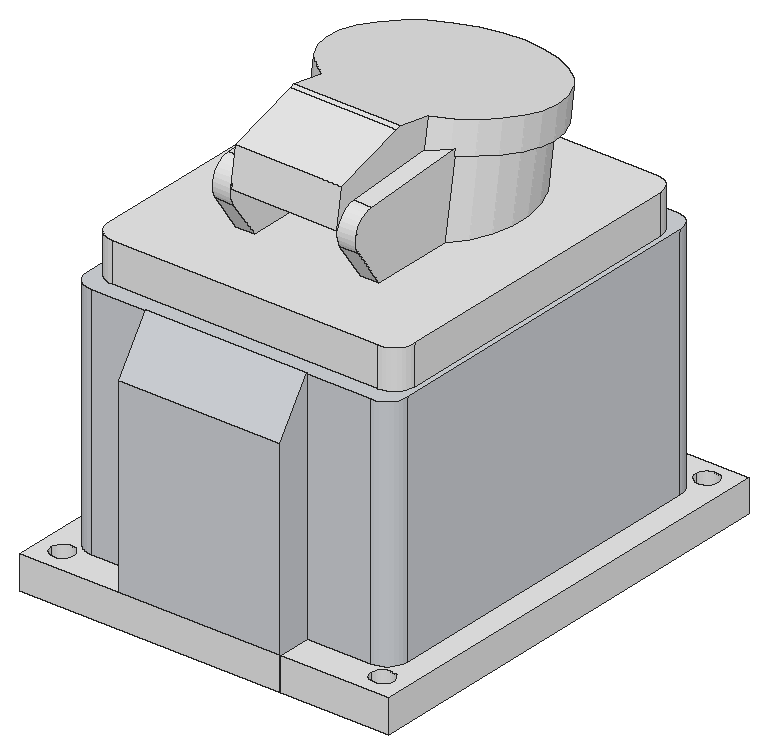
Revit family "Building-ConnessioniIEC309-GEWISS-IEC309HP-PRESE_FISSE_PAR_10°_16A_IP44", category Apparecchi elettrici, host Superficie, Revit 2019
Family settings
  Host = Superficie
  Mantenere orientamento annotazione = Sì
  Quota connettore circolare = Usa diametro
  Tipo di parte = Normale
  Taglio con vuoti quando caricato = No
  Condiviso = Sì
  Punto di calcolo locali = Sì
Parameters (values of type "GW62411 - PRESA FISSA 10°PAR.PR.3P+N+T 16A 500V 7H")
  simbolo acceso [instance] = yes
  distanza_simbolo [instance] = 1 mm
  distanza dal piano [instance] = 0 mm
  W = 115 mm  # constant formula
  Versione file RFA = "21.11"
  URL = "https://www.gewiss.com/it/it"
  Tipologia = "Presa fissa da parete 10°"
  Tipo Cablaggio = "A vite"
  Termopressione con biglia = "125 °C (Parti attive) - 80 °C (Parti passive)"
  Tensione nominale = "480-500V"
  Temperatura di utilizzo = "-25 +55 °C"
  Spostamento_effettivo_S [instance] = 4000 mm - Spostamento_S  # 3045 mm
  Spostamento_S = 955 mm
  Sportello_visibile = yes
  Sovraccarico ammissibile = "22A"
  Scheda Tecnica = "https://www.gewiss.com/it/it/search?q=GW62411"
  SPinotto = Default(2)
  SEO = "Presa"
  Riferimento h = "7"
  Resistenza di isolamento = "- 10 M?"
  Resistenza agli urti = "IK08"
  Prospetto di default = 500 mm
  Produttore = "GEWISS S.p.A."
  Prodotto a stock = ""
  Potere d'interruzione a 1,1 Un = "20A"
  Piastra = Default(2)
  N. poli = "3P+N+T"
  N. Manovre complessive = "-5000"
  Modello = "GW62411"
  L = 155 mm  # constant formula
  Immagine tipo = (empty or 0)
  IDT = "4994872c73b647d6b63d7e176105fff7"
  IDF = "ecdafb94-4bba-4516-bde5-fbc954aececd"
  Grado di protezione = "IP44"
  Glow wire test: = "850 °C (Parti attive) - 650 °C (Parti passive)"
  Frequenza = "50/60 Hz"
  FORMULA = 1000 mm * 1  # 1000 mm
  Descrizione = "PRESA FISSA 10°PAR.PR.3P+N+T 16A 500V 7H"
  Creato da GEWISS S.p.A. = ""
  Corrente nominale (A) = "16"
  Corpo centrale = Default(2)
  Colore: = "Nero"
  Codice Electrocod = "2210"
  Catalogo = "BUILDING"
  CapacitÃ  serraggio morsetti = "1-2,5 mm² cavi flessibili - 1,5-4 mm² cavi rigidi"
  COBie.Tagnumber = ""
  COBie.CreatedOn = ""
  COBie.CreatebBy = ""
  COBie.ComponentRegisterItemID = ""
  COBie.Component.TagNumber = ""
  COBie.Component.Space = ""
  COBie.Component.SerialNumber = ""
  COBie.Component.InstallationDate = ""
  COBie.Component.Description = ""
  COBie.Component.BarCode = ""
  BLOCCO = "B=C"
Types (11, lengths in mm): name | Tensione nominale | Scheda Tecnica | Riferimento h | N. poli | Modello | IDT | Descrizione | Colore:
  GW62401 - PRESA FISSA 10°PAR.PR.2P+T 16A 110V 4H | "100-130V" | "https://www.gewiss.com/it/it/search?q=GW62401" | "4" | "2P+T" | "GW62401" | "86208a5794e94e45a0468e3bd109d276" | "PRESA FISSA 10°PAR.PR.2P+T 16A 110V 4H" | "Giallo"
  GW62402 - PRESA FISSA 10°PAR.PR.3P+T 16A 110V 4H | "100-130V" | "https://www.gewiss.com/it/it/search?q=GW62402" | "4" | "3P+T" | "GW62402" | "c0e2a9c9053f4e84af5a04eb8d4a2c8f" | "PRESA FISSA 10°PAR.PR.3P+T 16A 110V 4H" | "Giallo"
  GW62403 - PRESA FISSA 10°PAR.PR.3P+N+T 16A 110V 4H | "100-130V" | "https://www.gewiss.com/it/it/search?q=GW62403" | "4" | "3P+N+T" | "GW62403" | "8e9e4aadc91c423ca6ceccfcf7413ab7" | "PRESA FISSA 10°PAR.PR.3P+N+T 16A 110V 4H" | "Giallo"
  GW62404 - PRESA FISSA 10°PAR.PR.2P+T 16A 230V 6H | "200-250V" | "https://www.gewiss.com/it/it/search?q=GW62404" | "6" | "2P+T" | "GW62404" | "31fff9859b0b4673b483d534e0512733" | "PRESA FISSA 10°PAR.PR.2P+T 16A 230V 6H" | "Blu"
  GW62405 - PRESA FISSA 10°PAR.PR.3P+T 16A 230V 9H | "200-250V" | "https://www.gewiss.com/it/it/search?q=GW62405" | "9" | "3P+T" | "GW62405" | "237f3949ff2f4600bcab06e1501f1031" | "PRESA FISSA 10°PAR.PR.3P+T 16A 230V 9H" | "Blu"
  GW62406 - PRESA FISSA 10°PAR.PR.3P+N+T 16A 230V 9H | "200-250V" | "https://www.gewiss.com/it/it/search?q=GW62406" | "9" | "3P+N+T" | "GW62406" | "8a1674b136974a89907e8411e43c87d4" | "PRESA FISSA 10°PAR.PR.3P+N+T 16A 230V 9H" | "Blu"
  GW62407 - PRESA FISSA 10°PAR.PR.2P+T 16A 400V 9H | "380-415V" | "https://www.gewiss.com/it/it/search?q=GW62407" | "9" | "2P+T" | "GW62407" | "11ee939fb2864e099107bfe0e2055174" | "PRESA FISSA 10°PAR.PR.2P+T 16A 400V 9H" | "Rosso"
  GW62408 - PRESA FISSA 10°PAR.PR.3P+T 16A 400V 6H | "380-415V" | "https://www.gewiss.com/it/it/search?q=GW62408" | "6" | "3P+T" | "GW62408" | "9aedd314a0e34737a79632861d7dfd17" | "PRESA FISSA 10°PAR.PR.3P+T 16A 400V 6H" | "Rosso"
  GW62409 - PRESA FISSA 10°PAR.PR.3P+N+T 16A 400V 6H | "380-415V" | "https://www.gewiss.com/it/it/search?q=GW62409" | "6" | "3P+N+T" | "GW62409" | "7569dded3ef94b87895b7e0d1793845f" | "PRESA FISSA 10°PAR.PR.3P+N+T 16A 400V 6H" | "Rosso"
  GW62410 - PRESA FISSA 10°PAR.PR.3P+T 16A 500V 7H | "480-500V" | "https://www.gewiss.com/it/it/search?q=GW62410" | "7" | "3P+T" | "GW62410" | "5e119e22496844af820952af63a865de" | "PRESA FISSA 10°PAR.PR.3P+T 16A 500V 7H" | "Nero"
  GW62411 - PRESA FISSA 10°PAR.PR.3P+N+T 16A 500V 7H | "480-500V" | "https://www.gewiss.com/it/it/search?q=GW62411" | "7" | "3P+N+T" | "GW62411" | "4994872c73b647d6b63d7e176105fff7" | "PRESA FISSA 10°PAR.PR.3P+N+T 16A 500V 7H" | "Nero"
Reference planes
  plane 1 "Centro (Fronte/Retro)": y = 0
  plane 2: z = 0
  plane 3 "Centro (Sinistra/Destra)": x = 0
  plane 4: x = -3000
  plane 5: x = 45
  plane 6: z = 0
Dimensions and locks
  plane 4 to plane 3 "Centro (Sinistra/Destra)" = 3000 mm
  "Spostamento_effettivo_S": plane 4 to plane 5
  "distanza dal piano": plane 6 to plane 2
  aligned and locked: plane 2 to host face
  aligned and locked: level to host face
  aligned and locked: plane 3 "Centro (Sinistra/Destra)" to nested 1
  aligned and locked: plane 1 "Centro (Fronte/Retro)" to nested 1
  aligned and locked: nested 2 to plane 5
Automatic sketch dimensions
  host sketch curve to host sketch curve = 2438.4 mm  (x2)
Nested families
  nested 1: "IEC309 PRESE FISSE INCASSO 10' 125A IP66-67_BASE" at (0, 0, 0), type "IEC309 PRESE FISSE INCASSO 10' 125A IP66-67_BASE"
  nested 2: "GWGW62201FH - SIMBOLO_PRESA" at (45, 171.559, 0), visible <- "simbolo acceso", Distanza dal muro <- "distanza_simbolo", type "3P"
    with SIMBOLO ACCESO yes, Distanza dal muro 1 mm
  nested 3: "dett_PRESA" at (0, 0, 0), type "dett_PRESA"
Connectors
  electrical at (37.5, 30, 0)
    settings: on nested 1, index 1, voltage 0 V, apparent load 0 VA, apparent load phase1 0 VA, apparent load phase2 0 VA, apparent load phase3 0 VA, power factor 1, load classification "Altro", number of poles 1, system type 31, power factor state 1, is connector primary yes, connector utility no, sub classification motor no, connector description ""
Definition of nested family "IEC309 PRESE FISSE INCASSO 10' 125A IP66-67_BASE"
  Parameters (values of type "IEC309 PRESE FISSE INCASSO 10' 125A IP66-67_BASE")
    sp_ghiera = 16 mm
    r2 = 39 mm
    h = 110 mm  # constant formula
    dis_base = 71 mm
    Sportello = yes
    Spinotto = none
    R1 = 42 mm
    PIASTRA = none
    Lunghezza totale = 140 mm
    CENTRALE = none
    Bsae = 90 mm  # constant formula
  Reference planes
    plane 1 "Centro (Fronte/Retro)": y = 0
    plane 2: z = 0
    plane 3 "Centro (Sinistra/Destra)": x = 0
    plane 4: x = 90
    plane 5: y = 110
    plane 6: x = 45
    plane 7: y = 104.875
    plane 8: y = 5.75
    plane 9: x = 5.75
    plane 10: x = 84
    plane 11: z = 8
    plane 12: y = 101.673
    plane 13: y = 8.334
    plane 14: z = 66
    plane 15: x = 7.498
    plane 16: y = 97.488
    plane 17: x = 82.498
    plane 18: y = 12.508
    plane 19: z = 75.463
    plane 20: x = 27.511
    plane 21: x = 32.023
    plane 22: x = 62.489
    plane 23: x = 57.977
  Forms (mm)
    Extrusion 1, solid, material <- "PIASTRA"
      sketch origin (0, 0, 0) x (1, 0, 0) y (0, 1, 0)
        loop
          line (0, 110) -> (0, 0) -> (90, 0) -> (90, 110) -> (0, 110)
      from 0 to 8
    Extrusion 2, void
      sketch origin (0, 0, 0) x (1, 0, 0) y (0, 1, 0)
        loop
          circle (5.75, 104.875) r 2.8
        loop
          circle (84, 104.875) r 2.8
        loop
          circle (5.75, 5.75) r 2.8
        loop
          circle (84, 5.75) r 2.8
      from 0 to 8
    Extrusion 3, solid
      sketch origin (0, 0, 0) x (1, 0, 0) y (0, 1, 0)
        loop
          line (5.75, 96.673) -> (5.75, 13.334)
          arc (5.75, 13.334) -> (7.214, 9.799) -> (10.75, 8.334) r 5
          line (10.75, 8.334) -> (79, 8.334)
          arc (79, 8.334) -> (82.536, 9.799) -> (84, 13.334) r 5
          line (84, 13.334) -> (84, 96.673)
          arc (84, 96.673) -> (82.536, 100.208) -> (79, 101.673) r 5
          line (79, 101.673) -> (10.75, 101.673)
          arc (10.75, 101.673) -> (7.214, 100.208) -> (5.75, 96.673) r 5
      from 8 to 66
    Extrusion 4, solid, material <- "PIASTRA"
      sketch origin (0, 0, 0) x (1, 0, 0) y (0, 1, 0)
        loop
          arc (12.498, 97.488) -> (8.962, 96.024) -> (7.498, 92.488) r 5
          line (7.498, 92.488) -> (7.498, 17.508)
          arc (7.498, 17.508) -> (8.962, 13.972) -> (12.498, 12.508) r 5
          line (12.498, 12.508) -> (77.498, 12.508)
          arc (77.498, 12.508) -> (81.033, 13.972) -> (82.498, 17.508) r 5
          line (82.498, 17.508) -> (82.498, 92.488)
          arc (82.498, 92.488) -> (81.033, 96.024) -> (77.498, 97.488) r 5
          line (77.498, 97.488) -> (12.498, 97.488)
      from 66 to 75.463
    Extrusion 5, solid
      sketch origin (0, 0, 0) x (0, 1, 0) y (0, 0, 1)
        loop
          line (0, 0) -> (8.334, 0) -> (8.334, 66.241) -> (0, 54.405) -> (0, 0)
      from 24.059 to 63.428
    Extrusion 6, solid
      sketch origin (0, 110, 0) x (0, -1, 0) y (0, 0, -1)
        loop
          line (0, 0) -> (0, -54.405) -> (8.334, -66.241) -> (8.334, 0) -> (0, 0)
      from 24.059 to 63.428
    Sweep 7, solid, material <- "PIASTRA"
      path origin (0, 0, 0) x (0, 1, 0) y (0, 0, 1)
        loop
          line (73.263, 97.736) -> (71.948, 90.281)
      profile origin (0, 72.606, 94.008) x (0, 0.984808, -0.173648) y (1, 0, 0)
        loop
          circle (0, 45) r 25
    Extrusion 8, solid, material <- "PIASTRA"
      sketch origin (0, 0, 0) x (0, 1, 0) y (0, 0, 1)
        loop
          line (25.806, 97.501) -> (24.369, 88.419)
          arc (24.369, 88.419) -> (26.054, 91.556) -> (29.326, 92.962) r 5.4
          line (29.326, 92.962) -> (51.956, 94.556) -> (53.142, 101.284) -> (43.676, 102.953)
          arc (43.676, 102.953) -> (43.104, 102.789) -> (42.534, 102.618) r 55
          line (42.534, 102.618) -> (25.806, 97.501)
      from 32.023 to 57.977
    Extrusion 9, solid, material <- "PIASTRA"
      sketch origin (0, 0, 0) x (0, 1, 0) y (0, 0, 1)
        loop
          line (55.25, 94.789) -> (29.326, 92.962)
          arc (29.326, 92.962) -> (24.829, 89.9) -> (25.28, 84.478) r 5.4
          line (25.28, 84.478) -> (31.592, 75.463) -> (51.843, 75.463) -> (55.25, 94.789)
      from 27.511 to 32.023
    Sweep 10, solid, material <- "PIASTRA"
      path origin (0, -2.627, 0.463) x (0, 1, 0) y (0, 0, 1)
        loop
          line (72.741, 90.141) -> (68.824, 67.926)
      profile origin (0, 68.156, 79.497) x (0, 0.984808, -0.173648) y (1, 0, 0)
        loop
          circle (0, 45) r 23.5
    Extrusion 11, solid, material <- "PIASTRA"
      sketch origin (90, 0, 0) x (0, 1, 0) y (0, 0, -1)
        loop
          line (55.25, -94.789) -> (51.843, -75.463) -> (31.592, -75.463) -> (25.28, -84.478)
          arc (25.28, -84.478) -> (24.829, -89.9) -> (29.326, -92.962) r 5.4
          line (29.326, -92.962) -> (55.25, -94.789)
      from 27.511 to 32.023
  Cuts and joins
    Extrusion 2 cuts Extrusion 1
    joined: Extrusion 4, Sweep 7, Extrusion 8, Extrusion 9, Sweep 10, Extrusion 11
  Dimensions and locks
    plane 3 "Centro (Sinistra/Destra)" to plane 4 = 90 mm
    plane 1 "Centro (Fronte/Retro)" to plane 5 = 110 mm
    equal spacing: plane 3 "Centro (Sinistra/Destra)", plane 6, plane 4
    locked: plane 3 "Centro (Sinistra/Destra)" to plane 9 at 5.75
    locked: plane 10 to plane 4 at 6
    locked: plane 1 "Centro (Fronte/Retro)" to plane 8 at 5.75
    locked: plane 5 to plane 7 at 5.125
    locked: plane 11 to level at 8
    "Bsae": plane 3 "Centro (Sinistra/Destra)" to plane 4
    "h": plane 1 "Centro (Fronte/Retro)" to plane 5
    locked: plane 12 to plane 7 at 3.202
    locked: plane 8 to plane 13 at 2.584
    locked: plane 14 to plane 11 at 58
    diameter of cut or joined group of Extrusion 1, Extrusion 2 = 5.6 mm
    radius of Extrusion 3 sketch curve = 5 mm  (x3)
    radius of Extrusion 4 sketch curve = 5 mm  (x3)
    radius of Sweep 10 sketch curve = 23.5 mm
    aligned and locked: level to plane 2
    aligned and locked: Extrusion 1 sketch curve to plane 3 "Centro (Sinistra/Destra)"
    aligned and locked: Extrusion 1 sketch curve to plane 5
    aligned and locked: Extrusion 1 sketch curve to plane 4
    aligned and locked: Extrusion 1 sketch curve to plane 1 "Centro (Fronte/Retro)"
    aligned and locked: plane 11 to Extrusion 1
    aligned and locked: plane 9 to Extrusion 2 sketch curve  (x2)
    aligned and locked: plane 7 to Extrusion 2 sketch curve  (x2)
    aligned and locked: plane 10 to Extrusion 2 sketch curve  (x2)
    aligned and locked: plane 8 to Extrusion 2 sketch curve  (x2)
    aligned and locked: cut or joined group of Extrusion 1, Extrusion 2 to level
    aligned and locked: Extrusion 1 to Extrusion 2
    aligned and locked: Extrusion 3 sketch curve to plane 9
    aligned and locked: Extrusion 3 sketch curve to plane 10
    aligned and locked: Extrusion 3 sketch curve to plane 13
    aligned and locked: plane 12 to Extrusion 3 sketch curve
    aligned and locked: plane 14 to Extrusion 3
    aligned and locked: Extrusion 3 to plane 11
    aligned and locked: Extrusion 4 sketch curve to plane 16
    aligned and locked: Extrusion 4 sketch curve to plane 15
    aligned and locked: Extrusion 4 sketch curve to plane 17
    aligned and locked: Extrusion 4 sketch curve to plane 18
    aligned and locked: Extrusion 4 to plane 14
    aligned and locked: Extrusion 5 sketch curve to plane 1 "Centro (Fronte/Retro)"
    aligned and locked: Extrusion 5 sketch curve to plane 13
    aligned and locked: Extrusion 4 to plane 19
    aligned and locked: plane 6 to Sweep 7 sketch curve
    aligned and locked: Extrusion 9 sketch curve to plane 19
    aligned and locked: Extrusion 9 to plane 20
    aligned and locked: plane 21 to Extrusion 9
    aligned and locked: plane 6 to Sweep 10 sketch curve
    aligned and locked: cut or joined group of Extrusion 4, Sweep 7, Extrusion 8, Extrusion 9, Sweep 10, Extrusion 11 to plane 23
    aligned and locked: Extrusion 11 to plane 23
    aligned and locked: Extrusion 11 to plane 22
  Automatic sketch dimensions
    plane 15 to Extrusion 3 sketch curve = 3.252 mm
    plane 15 to Extrusion 4 sketch curve = 5 mm
    Extrusion 5 sketch curve to level = 0 mm
    Extrusion 5 sketch curve to plane 14 = 11.595 mm
    plane 14 to Extrusion 5 sketch curve = 0.241 mm
    Extrusion 6 sketch curve to plane 5 = 0 mm
    Extrusion 6 sketch curve to level = 0 mm
    Extrusion 6 sketch curve to plane 12 = 0.007 mm
    plane 14 to Extrusion 6 sketch curve = 11.595 mm
    Extrusion 6 sketch curve to plane 14 = 0.241 mm
    Sweep 7 sketch curve to plane 16 = 25.54 mm
    Sweep 7 sketch curve to plane 19 = 14.817 mm
    Sweep 7 sketch curve to Sweep 7 sketch curve = 1.315 mm
    Sweep 7 sketch curve to Sweep 7 sketch curve = 7.456 mm
    Sweep 7 sketch curve to profile plane = 0 mm
    Extrusion 8 sketch curve to plane 18 = 13.298 mm
    Extrusion 8 sketch curve to Extrusion 8 sketch curve = 3.521 mm
    Extrusion 8 sketch curve to Extrusion 8 sketch curve = 0.377 mm
    Extrusion 8 sketch curve to Extrusion 8 sketch curve = 14.349 mm
    Extrusion 8 sketch curve to plane 19 = 19.093 mm
    Extrusion 8 sketch curve to Extrusion 8 sketch curve = 8.28 mm
    Extrusion 8 sketch curve to Extrusion 8 sketch curve = 1.186 mm
    Extrusion 8 sketch curve to plane 14 = 15.977 mm
    Extrusion 8 sketch curve to plane 16 = 38.866 mm
    Extrusion 8 sketch curve to plane 19 = 12.112 mm
    Extrusion 8 sketch curve to Extrusion 8 sketch curve = 5.387 mm
    Extrusion 8 sketch curve to Extrusion 8 sketch curve = 4.539 mm
    Extrusion 8 sketch curve to Extrusion 8 sketch curve = 6.728 mm
    Extrusion 8 sketch curve to Extrusion 8 sketch curve = 1.669 mm
    Extrusion 8 sketch curve to Extrusion 8 sketch curve = 5.334 mm
    Extrusion 8 sketch curve to Extrusion 8 sketch curve = 0 mm  (x4)
    Extrusion 8 sketch curve to Extrusion 8 sketch curve = 1.142 mm
    Extrusion 9 sketch curve to plane 18 = 12.772 mm
    Extrusion 9 sketch curve to Extrusion 9 sketch curve = 4.047 mm
    Extrusion 9 sketch curve to Extrusion 9 sketch curve = 0.377 mm
    Extrusion 9 sketch curve to Extrusion 9 sketch curve = 6.312 mm
    Extrusion 9 sketch curve to Extrusion 9 sketch curve = 20.251 mm
    Extrusion 9 sketch curve to Extrusion 9 sketch curve = 25.924 mm
    Extrusion 9 sketch curve to plane 19 = 9.015 mm
    Extrusion 9 sketch curve to Extrusion 9 sketch curve = 3.097 mm
    Extrusion 9 sketch curve to Extrusion 9 sketch curve = 1.826 mm
    plane 14 to Sweep 10 sketch curve = 2.39 mm
    Sweep 10 sketch curve to plane 16 = 31.291 mm
    Sweep 10 sketch curve to Sweep 10 sketch curve = 3.917 mm
    Sweep 10 sketch curve to plane 19 = 15.141 mm
    Sweep 10 sketch curve to profile plane = 0 mm
    plane 19 to Extrusion 11 sketch curve = 0 mm
    Extrusion 11 sketch curve to plane 18 = 12.772 mm
    Extrusion 11 sketch curve to Extrusion 11 sketch curve = 4.047 mm
    Extrusion 11 sketch curve to Extrusion 11 sketch curve = 4.423 mm
    Extrusion 11 sketch curve to Extrusion 11 sketch curve = 6.312 mm
    Extrusion 11 sketch curve to Extrusion 11 sketch curve = 20.251 mm
    Extrusion 11 sketch curve to Extrusion 11 sketch curve = 25.924 mm
    Extrusion 11 sketch curve to plane 19 = 9.015 mm
    Extrusion 11 sketch curve to Extrusion 11 sketch curve = 3.097 mm
    Extrusion 11 sketch curve to Extrusion 11 sketch curve = 1.826 mm
    radius of Extrusion 2 sketch curve = 2.8 mm  (x4)
    radius of Sweep 7 sketch curve = 25 mm
Definition of nested family "GWGW62201FH - SIMBOLO_PRESA"
  Parameters (values of type "3P")
    SIMBOLO ACCESO [instance] = yes
    Distanza dal muro [instance] = 0 mm
  Reference planes
    plane 1: y = 0
    plane 2: x = 0
  Dimensions and locks
    "Distanza dal muro": plane 1 to nested 1
    aligned and locked: plane 2 to nested 1
  Nested families
    nested 1: "GWGW62201FH - SIMBOLO" at (0, 0, 0), visible <- "SIMBOLO ACCESO", type "3P"
  Definition of nested family "GWGW62201FH - SIMBOLO"
    Parameters (values of type "3P")
      CORNICE SIMBOLO [instance] = yes
      3P = yes
    Reference planes
      plane 1: y = 0
      plane 2: x = 0
    Lines and regions (mm)
      detail lines
        curve 1: circle (-0.314, 0.674, 0) r 0.057 normal (0, 0, 1)
        curve 2: arc (0.346, -0.009, 0) -> (0, 0.337, 0) -> (-0.346, -0.009, 0) r 0.346
        curve 3: line (0, 0.337, 0) -> (0.346, 0.337, 0)
        curve 4: line (0, 3.386, 0) -> (0, 0.337, 0)
        curve 5: line (0, 0.337, 0) -> (-0.314, 0.674, 0)
Definition of nested family "dett_PRESA"
  Reference planes
    plane 1 "Centro (Fronte/Retro)": y = 0
    plane 2: z = 0
    plane 3 "Centro (Sinistra/Destra)": x = 0
  Lines and regions (mm)
    model lines, in view "Livello rif."
      curve 1: arc (61.498, 61.665, 0) -> (44.998, 67.722, 0) -> (28.498, 61.665, 0) r 25.502
      curve 2: spline (28.472, 62.844, 0) -> (27.012, 61.491, 0) -> (25.665, 60.027, 0) -> (24.441, 58.464, 0) -> (23.348, 56.809, 0) -> (22.391, 55.074, 0) -> (21.577, 53.269, 0) -> (20.912, 51.407, 0) -> (20.399, 49.498, 0) -> (20.042, 47.555, 0) -> (19.843, 45.59, 0) -> (19.803, 43.616, 0) -> (19.922, 41.645, 0)
      curve 3: spline (70.073, 41.643, 0) -> (70.193, 43.614, 0) -> (70.153, 45.589, 0) -> (69.954, 47.554, 0) -> (69.596, 49.497, 0) -> (69.084, 51.405, 0) -> (68.418, 53.268, 0) -> (67.605, 55.073, 0) -> (66.648, 56.808, 0) -> (65.554, 58.463, 0) -> (64.33, 60.027, 0) -> (62.984, 61.49, 0) -> (61.524, 62.844, 0)
      curve 4: spline (29.494, 84.757, 0) -> (29.364, 84.748, 0) -> (29.236, 84.722, 0) -> (29.112, 84.679, 0) -> (28.995, 84.62, 0) -> (28.887, 84.546, 0) -> (28.789, 84.458, 0) -> (28.703, 84.357, 0) -> (28.631, 84.246, 0) -> (28.573, 84.126, 0) -> (28.531, 83.999, 0) -> (28.506, 83.868, 0) -> (28.498, 83.735, 0)
      curve 5: line (28.876, 69.625, 0) -> (28.587, 69.709, 0)
      curve 6: line (28.979, 69.618, 0) -> (28.587, 69.709, 0)
      curve 7: line (61.018, 69.624, 0) -> (28.979, 69.618, 0)
      curve 8: line (61.121, 69.63, 0) -> (61.409, 69.714, 0)
      curve 9: line (61.018, 69.624, 0) -> (61.409, 69.714, 0)
      curve 10: spline (61.498, 83.735, 0) -> (61.489, 83.868, 0) -> (61.464, 84, 0) -> (61.422, 84.126, 0) -> (61.364, 84.246, 0) -> (61.292, 84.357, 0) -> (61.206, 84.458, 0) -> (61.108, 84.546, 0) -> (60.999, 84.62, 0) -> (60.882, 84.679, 0) -> (60.759, 84.722, 0) -> (60.631, 84.748, 0) -> (60.501, 84.757, 0)
      curve 11: spline (64.653, 42.492, 0) -> (63.983, 47.502, 0) -> (62.019, 52.17, 0) -> (58.896, 56.179, 0) -> (54.825, 59.255, 0) -> (50.085, 61.189, 0) -> (44.998, 61.849, 0) -> (39.91, 61.189, 0) -> (35.17, 59.255, 0) -> (31.099, 56.179, 0) -> (27.976, 52.17, 0) -> (26.012, 47.502, 0) -> (25.342, 42.492, 0) -> (26.012, 37.482, 0) -> (27.976, 32.814, 0) -> (31.099, 28.805, 0) -> (35.17, 25.729, 0) -> (39.91, 23.795, 0) -> (44.998, 23.136, 0) -> (50.085, 23.795, 0) -> (54.825, 25.729, 0) -> (58.896, 28.805, 0) -> (62.019, 32.814, 0) -> (63.983, 37.482, 0) -> (64.653, 42.492, 0)
      curve 12: arc (20.049, 40.392, 0) -> (21.05, 35.597, 0) -> (22.987, 31.099, 0) r 24.445
      curve 13: arc (22.986, 31.098, 0) -> (25.45, 27.464, 0) -> (28.516, 24.321, 0) r 24.781
      curve 14: arc (28.639, 24.166, 0) -> (28.807, 23.841, 0) -> (28.981, 23.52, 0) r 16.754
      curve 15: line (61.015, 23.522, 0) -> (28.981, 23.52, 0)
      curve 16: arc (61.015, 23.522, 0) -> (61.191, 23.845, 0) -> (61.359, 24.172, 0) r 16.754
      curve 17: arc (61.476, 24.318, 0) -> (61.411, 24.251, 0) -> (61.359, 24.172, 0) r 0.504
      curve 18: spline (61.476, 24.318, 0) -> (62.628, 25.372, 0) -> (63.712, 26.495, 0) -> (64.721, 27.682, 0) -> (65.653, 28.929, 0) -> (66.505, 30.232, 0) -> (67.271, 31.584, 0) -> (67.95, 32.981, 0) -> (68.539, 34.418, 0) -> (69.035, 35.887, 0) -> (69.437, 37.385, 0) -> (69.743, 38.904, 0) -> (69.951, 40.44, 0)
      curve 19: arc (28.17, 65.632, 0) -> (28.412, 65.967, 0) -> (28.498, 66.372, 0) r 0.999
      curve 20: spline (28.17, 65.632, 0) -> (26.951, 64.427, 0) -> (25.816, 63.141, 0) -> (24.77, 61.779, 0) -> (23.817, 60.348, 0) -> (22.963, 58.854, 0) -> (22.21, 57.304, 0) -> (21.564, 55.706, 0) -> (21.025, 54.067, 0) -> (20.598, 52.394, 0) -> (20.284, 50.695, 0) -> (20.085, 48.978, 0) -> (20.001, 47.252, 0)
      curve 21: spline (69.995, 47.252, 0) -> (69.91, 48.98, 0) -> (69.71, 50.698, 0) -> (69.396, 52.398, 0) -> (68.968, 54.072, 0) -> (68.429, 55.713, 0) -> (67.781, 57.312, 0) -> (67.028, 58.862, 0) -> (66.172, 60.357, 0) -> (65.218, 61.789, 0) -> (64.171, 63.152, 0) -> (63.034, 64.438, 0) -> (61.813, 65.643, 0)
      curve 22: arc (61.498, 66.372, 0) -> (61.58, 65.975, 0) -> (61.813, 65.643, 0) r 0.999
      curve 23: line (61.498, 61.665, 0) -> (61.498, 68.351, 0)
      curve 24: line (61.498, 68.351, 0) -> (61.498, 80.428, 0)
      curve 25: line (61.498, 80.276, 0) -> (61.498, 80.569, 0)
      curve 26: line (61.498, 80.569, 0) -> (61.498, 80.795, 0)
      curve 27: line (28.498, 83.735, 0) -> (28.498, 68.351, 0)
      curve 28: line (28.498, 68.351, 0) -> (28.498, 61.665, 0)
      curve 29: line (29.494, 84.757, 0) -> (32.148, 84.757, 0)
      curve 30: line (32.148, 84.757, 0) -> (32.657, 84.757, 0)
      curve 31: line (32.657, 84.757, 0) -> (57.339, 84.757, 0)
      curve 32: line (57.339, 84.757, 0) -> (57.848, 84.757, 0)
      curve 33: line (57.848, 84.757, 0) -> (60.501, 84.757, 0)
      curve 34: line (61.498, 82.213, 0) -> (61.498, 82.398, 0)
      curve 35: line (61.498, 82.398, 0) -> (61.498, 82.213, 0)
      curve 36: line (61.498, 82.213, 0) -> (61.498, 81.899, 0)
      curve 37: line (61.498, 81.899, 0) -> (61.498, 81.627, 0)
      curve 38: line (61.498, 81.476, 0) -> (61.498, 81.192, 0)
      curve 39: line (61.498, 81.192, 0) -> (61.498, 80.975, 0)
      curve 40: line (61.498, 80.975, 0) -> (61.498, 80.697, 0)
      curve 41: line (61.498, 80.657, 0) -> (61.498, 83.228, 0)
      curve 42: line (61.498, 83.228, 0) -> (61.498, 83.735, 0)
      curve 43: line (20.049, 40.392, 0) -> (19.922, 41.645, 0)
      curve 44: line (61.498, 81.281, 0) -> (61.498, 81.108, 0)
      curve 45: arc (74.574, 12.532, 0) -> (80.179, 14.903, 0) -> (82.494, 20.531, 0) r 8
      curve 46: arc (7.494, 20.531, 0) -> (9.81, 14.902, 0) -> (15.416, 12.532, 0) r 8
      curve 47: circle (74.998, 85.179, 0) r 2.09 normal (0, 0, 1)
      curve 48: circle (14.998, 85.179, 0) r 2.072 normal (0, 0, 1)
      curve 49: circle (14.998, 25.171, 0) r 2.068 normal (0, 0, 1)
      curve 50: circle (74.997, 25.171, 0) r 2.075 normal (0, 0, 1)
      curve 51: line (59.998, 32.071, 0) -> (59.498, 31.571, 0)
      curve 52: spline (30.498, 31.571, 0) -> (32.868, 31.466, 0) -> (35.264, 31.379, 0) -> (37.679, 31.312, 0) -> (40.11, 31.264, 0) -> (42.551, 31.235, 0) -> (44.998, 31.225, 0) -> (47.444, 31.235, 0) -> (49.885, 31.264, 0) -> (52.316, 31.312, 0) -> (54.731, 31.379, 0) -> (57.127, 31.466, 0) -> (59.498, 31.571, 0)
      curve 53: line (30.498, 31.571, 0) -> (29.998, 32.071, 0)
      curve 54: spline (59.498, 31.582, 0) -> (59.563, 31.589, 0) -> (59.627, 31.603, 0) -> (59.689, 31.626, 0) -> (59.748, 31.656, 0) -> (59.802, 31.693, 0) -> (59.851, 31.736, 0) -> (59.894, 31.785, 0) -> (59.931, 31.838, 0) -> (59.96, 31.895, 0) -> (59.981, 31.955, 0) -> (59.993, 32.017, 0) -> (59.998, 32.08, 0)
      curve 55: spline (29.998, 32.08, 0) -> (30.002, 32.017, 0) -> (30.015, 31.955, 0) -> (30.036, 31.895, 0) -> (30.065, 31.838, 0) -> (30.101, 31.785, 0) -> (30.144, 31.736, 0) -> (30.193, 31.693, 0) -> (30.248, 31.656, 0) -> (30.306, 31.626, 0) -> (30.368, 31.603, 0) -> (30.432, 31.589, 0) -> (30.498, 31.582, 0)
      curve 56: line (29.998, 52.752, 0) -> (30.493, 53.235, 0)
      curve 57: spline (30.493, 53.235, 0) -> (32.864, 53.13, 0) -> (35.26, 53.044, 0) -> (37.677, 52.976, 0) -> (40.109, 52.928, 0) -> (42.551, 52.899, 0) -> (44.998, 52.889, 0) -> (47.445, 52.899, 0) -> (49.886, 52.928, 0) -> (52.318, 52.976, 0) -> (54.735, 53.044, 0) -> (57.131, 53.13, 0) -> (59.502, 53.235, 0)
      curve 58: line (59.502, 53.235, 0) -> (59.998, 52.752, 0)
      curve 59: arc (15.498, 97.488, 0) -> (9.841, 95.145, 0) -> (7.498, 89.488, 0) r 8
      curve 60: line (66.439, 8.334, 0) -> (66.439, 0, 0)
      curve 61: line (34.35, 6.789, 0) -> (34.35, 1.545, 0)
      curve 62: line (34.35, 1.545, 0) -> (55.638, 1.545, 0)
      curve 63: line (55.638, 1.545, 0) -> (55.638, 6.789, 0)
      curve 64: line (55.638, 6.789, 0) -> (34.35, 6.789, 0)
      curve 65: line (23.549, 0, 0) -> (23.549, 8.334, 0)
      curve 66: line (8.433, 5.861, 0) -> (8.228, 6.995, 0)
      curve 67: line (8.228, 6.995, 0) -> (7.611, 7.923, 0)
      curve 68: line (7.611, 7.923, 0) -> (6.683, 8.54, 0)
      curve 69: line (6.683, 8.54, 0) -> (5.549, 8.745, 0)
      curve 70: line (5.549, 8.745, 0) -> (4.521, 8.54, 0)
      curve 71: line (4.521, 8.54, 0) -> (3.593, 7.923, 0)
      curve 72: line (3.593, 7.923, 0) -> (2.976, 6.995, 0)
      curve 73: line (2.976, 6.995, 0) -> (2.778, 5.861, 0)
      curve 74: line (2.778, 5.861, 0) -> (2.976, 4.833, 0)
      curve 75: line (2.976, 4.833, 0) -> (3.593, 3.912, 0)
      curve 76: line (3.593, 3.912, 0) -> (4.521, 3.295, 0)
      curve 77: line (4.521, 3.295, 0) -> (5.549, 3.083, 0)
      curve 78: line (5.549, 3.083, 0) -> (6.683, 3.295, 0)
      curve 79: line (6.683, 3.295, 0) -> (7.611, 3.912, 0)
      curve 80: line (7.611, 3.912, 0) -> (8.228, 4.833, 0)
      curve 81: line (8.228, 4.833, 0) -> (8.433, 5.861, 0)
      curve 82: line (87.217, 5.861, 0) -> (87.012, 4.833, 0)
      curve 83: line (87.012, 4.833, 0) -> (86.395, 3.912, 0)
      curve 84: line (86.395, 3.912, 0) -> (85.466, 3.295, 0)
      curve 85: line (85.466, 3.295, 0) -> (84.44, 3.083, 0)
      curve 86: line (84.44, 3.083, 0) -> (83.306, 3.295, 0)
      curve 87: line (83.306, 3.295, 0) -> (82.384, 3.912, 0)
      curve 88: line (82.384, 3.912, 0) -> (81.767, 4.833, 0)
      curve 89: line (81.767, 4.833, 0) -> (81.562, 5.861, 0)
      curve 90: line (81.562, 5.861, 0) -> (81.767, 6.995, 0)
      curve 91: line (81.767, 6.995, 0) -> (82.384, 7.923, 0)
      curve 92: line (82.384, 7.923, 0) -> (83.306, 8.54, 0)
      curve 93: line (83.306, 8.54, 0) -> (84.44, 8.745, 0)
      curve 94: line (84.44, 8.745, 0) -> (85.466, 8.54, 0)
      curve 95: line (85.466, 8.54, 0) -> (86.395, 7.923, 0)
      curve 96: line (86.395, 7.923, 0) -> (87.012, 6.995, 0)
      curve 97: line (87.012, 6.995, 0) -> (87.217, 5.861, 0)
      curve 98: line (85.261, 110, 0) -> (4.727, 110, 0)
      curve 99: line (4.727, 110, 0) -> (3.494, 109.901, 0)
      curve 100: line (3.494, 109.901, 0) -> (2.36, 109.383, 0)
      curve 101: line (2.36, 109.383, 0) -> (1.438, 108.668, 0)
      curve 102: line (1.438, 108.668, 0) -> (0.616, 107.64, 0)
      curve 103: line (0.616, 107.64, 0) -> (0.205, 106.506, 0)
      curve 104: line (0.205, 106.506, 0) -> (0, 105.273, 0)
      curve 105: line (0, 105.273, 0) -> (0, 4.734, 0)
      curve 106: line (0, 4.734, 0) -> (0.205, 3.494, 0)
      curve 107: line (0.205, 3.494, 0) -> (0.616, 2.367, 0)
      curve 108: line (0.616, 2.367, 0) -> (1.438, 1.439, 0)
      curve 109: line (1.438, 1.439, 0) -> (2.36, 0.617, 0)
      curve 110: line (2.36, 0.617, 0) -> (3.494, 0.206, 0)
      curve 111: line (3.494, 0.206, 0) -> (4.727, 0, 0)
      curve 112: line (4.727, 0, 0) -> (85.261, 0, 0)
      curve 113: line (85.261, 0, 0) -> (86.494, 0.206, 0)
      curve 114: line (86.494, 0.206, 0) -> (87.628, 0.617, 0)
      curve 115: line (87.628, 0.617, 0) -> (88.557, 1.439, 0)
      curve 116: line (88.557, 1.439, 0) -> (89.379, 2.367, 0)
      curve 117: line (89.379, 2.367, 0) -> (89.79, 3.494, 0)
      curve 118: line (89.79, 3.494, 0) -> (89.995, 4.734, 0)
      curve 119: line (89.995, 4.734, 0) -> (89.995, 105.273, 0)
      curve 120: line (89.995, 105.273, 0) -> (89.79, 106.506, 0)
      curve 121: line (89.79, 106.506, 0) -> (89.379, 107.64, 0)
      curve 122: line (89.379, 107.64, 0) -> (88.557, 108.668, 0)
      curve 123: line (88.557, 108.668, 0) -> (87.628, 109.383, 0)
      curve 124: line (87.628, 109.383, 0) -> (86.494, 109.901, 0)
      curve 125: line (86.494, 109.901, 0) -> (85.261, 110, 0)
      curve 126: line (66.439, 110, 0) -> (66.439, 101.673, 0)
      curve 127: line (23.549, 110, 0) -> (23.549, 101.673, 0)
      curve 128: line (8.433, 104.139, 0) -> (8.228, 103.005, 0)
      curve 129: line (8.228, 103.005, 0) -> (7.611, 102.182, 0)
      curve 130: line (7.611, 102.182, 0) -> (6.683, 101.566, 0)
      curve 131: line (6.683, 101.566, 0) -> (5.549, 101.261, 0)
      curve 132: line (5.549, 101.261, 0) -> (4.521, 101.566, 0)
      curve 133: line (4.521, 101.566, 0) -> (3.593, 102.182, 0)
      curve 134: line (3.593, 102.182, 0) -> (2.976, 103.005, 0)
      curve 135: line (2.976, 103.005, 0) -> (2.778, 104.139, 0)
      curve 136: line (2.778, 104.139, 0) -> (2.976, 105.273, 0)
      curve 137: line (2.976, 105.273, 0) -> (3.593, 106.194, 0)
      curve 138: line (3.593, 106.194, 0) -> (4.521, 106.81, 0)
      curve 139: line (4.521, 106.81, 0) -> (5.549, 107.015, 0)
      curve 140: line (5.549, 107.015, 0) -> (6.683, 106.81, 0)
      curve 141: line (6.683, 106.81, 0) -> (7.611, 106.194, 0)
      curve 142: line (7.611, 106.194, 0) -> (8.228, 105.273, 0)
      curve 143: line (8.228, 105.273, 0) -> (8.433, 104.139, 0)
      curve 144: line (6.518, 96.939, 0) -> (6.724, 98.172, 0)
      curve 145: line (6.724, 98.172, 0) -> (7.135, 99.306, 0)
      curve 146: line (7.135, 99.306, 0) -> (7.957, 100.333, 0)
      curve 147: line (7.957, 100.333, 0) -> (8.885, 101.056, 0)
      curve 148: line (8.885, 101.056, 0) -> (10.012, 101.566, 0)
      curve 149: line (10.012, 101.566, 0) -> (11.252, 101.673, 0)
      curve 150: line (11.252, 101.673, 0) -> (78.84, 101.673, 0)
      curve 151: line (78.84, 101.673, 0) -> (80.074, 101.566, 0)
      curve 152: line (80.074, 101.566, 0) -> (81.207, 101.056, 0)
      curve 153: line (81.207, 101.056, 0) -> (82.128, 100.333, 0)
      curve 154: line (82.128, 100.333, 0) -> (82.951, 99.306, 0)
      curve 155: line (82.951, 99.306, 0) -> (83.369, 98.172, 0)
      curve 156: line (83.369, 98.172, 0) -> (83.574, 96.939, 0)
      curve 157: line (83.574, 96.939, 0) -> (83.574, 13.061, 0)
      curve 158: line (83.574, 13.061, 0) -> (83.369, 11.828, 0)
      curve 159: line (83.369, 11.828, 0) -> (82.951, 10.701, 0)
      curve 160: line (82.951, 10.701, 0) -> (82.128, 9.666, 0)
      curve 161: line (82.128, 9.666, 0) -> (81.207, 8.951, 0)
      curve 162: line (81.207, 8.951, 0) -> (80.074, 8.433, 0)
      curve 163: line (80.074, 8.433, 0) -> (78.84, 8.334, 0)
      curve 164: line (78.84, 8.334, 0) -> (11.252, 8.334, 0)
      curve 165: line (11.252, 8.334, 0) -> (10.012, 8.433, 0)
      curve 166: line (10.012, 8.433, 0) -> (8.885, 8.951, 0)
      curve 167: line (8.885, 8.951, 0) -> (7.957, 9.666, 0)
      curve 168: line (7.957, 9.666, 0) -> (7.135, 10.701, 0)
      curve 169: line (7.135, 10.701, 0) -> (6.724, 11.828, 0)
      curve 170: line (6.724, 11.828, 0) -> (6.518, 13.061, 0)
      curve 171: line (6.518, 13.061, 0) -> (6.518, 96.939, 0)
      curve 172: line (87.217, 104.139, 0) -> (87.012, 105.273, 0)
      curve 173: line (87.012, 105.273, 0) -> (86.395, 106.194, 0)
      curve 174: line (86.395, 106.194, 0) -> (85.466, 106.81, 0)
      curve 175: line (85.466, 106.81, 0) -> (84.44, 107.015, 0)
      curve 176: line (84.44, 107.015, 0) -> (83.306, 106.81, 0)
      curve 177: line (83.306, 106.81, 0) -> (82.384, 106.194, 0)
      curve 178: line (82.384, 106.194, 0) -> (81.767, 105.273, 0)
      curve 179: line (81.767, 105.273, 0) -> (81.562, 104.139, 0)
      curve 180: line (81.562, 104.139, 0) -> (81.767, 103.005, 0)
      curve 181: line (81.767, 103.005, 0) -> (82.384, 102.182, 0)
      curve 182: line (82.384, 102.182, 0) -> (83.306, 101.566, 0)
      curve 183: line (83.306, 101.566, 0) -> (84.44, 101.261, 0)
      curve 184: line (84.44, 101.261, 0) -> (85.466, 101.566, 0)
      curve 185: line (85.466, 101.566, 0) -> (86.395, 102.182, 0)
      curve 186: line (86.395, 102.182, 0) -> (87.012, 103.005, 0)
      curve 187: line (87.012, 103.005, 0) -> (87.217, 104.139, 0)
      curve 188: line (15.416, 12.532, 0) -> (44.994, 12.235, 0)
      curve 189: line (44.994, 12.235, 0) -> (74.574, 12.532, 0)
      curve 190: line (82.498, 89.488, 0) -> (82.498, 20.173, 0)
      curve 191: line (7.498, 89.488, 0) -> (7.498, 20.173, 0)
      curve 192: line (29.998, 32.071, 0) -> (29.998, 34.218, 0)
      curve 193: line (29.998, 34.218, 0) -> (29.998, 52.752, 0)
      curve 194: line (59.998, 52.752, 0) -> (59.998, 50.465, 0)
      curve 195: line (59.998, 50.465, 0) -> (59.998, 32.071, 0)
      curve 196: line (69.958, 40.501, 0) -> (70.073, 41.643, 0)
      curve 197: line (31.998, 84.757, 0) -> (31.998, 96.036, 0)
      curve 198: line (31.998, 96.036, 0) -> (31.998, 96.526, 0)
      curve 199: line (31.998, 96.526, 0) -> (31.998, 97.488, 0)
      curve 200: line (31.998, 97.504, 0) -> (57.998, 97.504, 0)
      curve 201: line (57.998, 97.504, 0) -> (57.998, 96.526, 0)
      curve 202: line (57.998, 96.526, 0) -> (57.998, 96.036, 0)
      curve 203: line (57.998, 96.036, 0) -> (57.998, 84.757, 0)
      curve 204: line (15.498, 97.488, 0) -> (31.998, 97.488, 0)
      curve 205: line (57.998, 97.488, 0) -> (74.498, 97.488, 0)
      curve 206: arc (82.498, 89.488, 0) -> (80.154, 95.145, 0) -> (74.498, 97.488, 0) r 8
